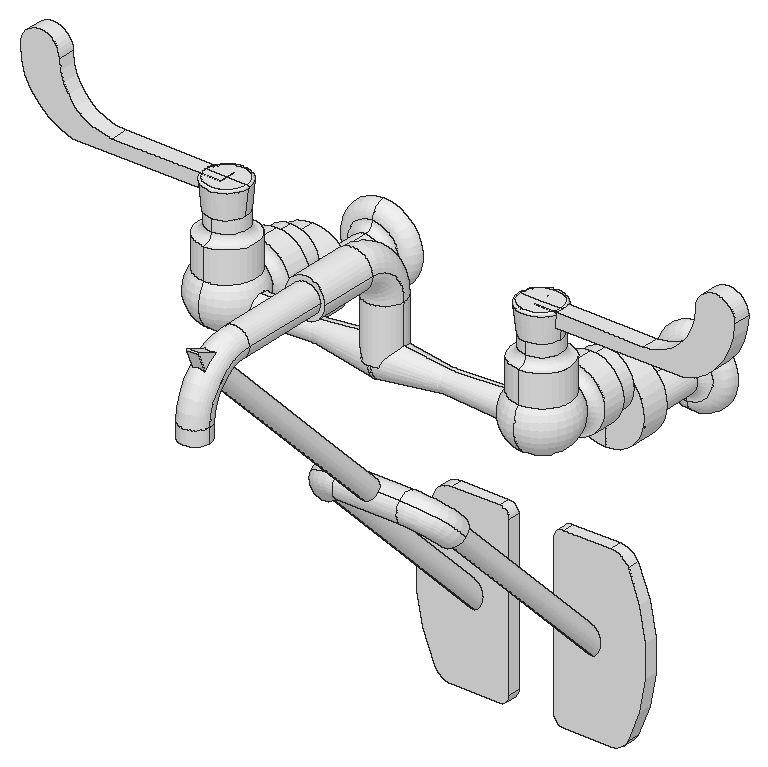
Revit family
Parameters (values of type "8345.115.002")
  Waste Connection = no
  Vent Connection = no
  URL = "http://www.americanstandard-us.com"
  Revised Date = "12/12/11"
  Product URL = "http://www.americanstandard.ca"
  Phone # = "416-250-5656"
  Model = "8345.115.002"
  Material = Polished Chrome
  Manufacturer = "American Standard"
  HW Connection = no
  Designed By = "ATS BIM Team"
  Description = "'HERITAGE' Faucet, C.P. 6\" - 10\" (152mm-250mm) adjustable C.C. wall mounted heavy duty construction, solid cast brassbody, 1/4 turn ceramic disc valve cartridges, 8\" (203mm) rigid spout (13\" (330mm) total length wall to outlet) with plain (non-aerating) outlet, integral stops, bottom brace, cast brass 4\" (102mm) blade handles and solid brass shank nuts."
  CW Connection = no
  Assembly Code = ""
Reference planes (in)
  plane 1 "Center (Front/Back)": y = 0
  plane 2: z = 0
  plane 3 "Center (Left/Right)": x = 0
  plane 4: x = 4
  plane 5: x = -4
  plane 6: x = -1.5
  plane 7: x = 1.5
Forms (in)
  Revolve 1, solid, material "Polished Chrome" <- "Material"
    sketch origin (4, 0, -0.76577) x (0, 1, 0) y (0, 0, 1)
      loop
        arc (0, 0) -> (-0.25, -0.10355) -> (-0.35355, -0.35355) r 0.35355
        arc (-0.35355, -0.35355) -> (-0.41764, -0.50828) -> (-0.57237, -0.57237) r 0.21881
        line (-0.57237, -0.57237) -> (-2.25446, -0.57237) -> (-2.25446, -1) -> (0, -1) -> (0, 0)
      axis (0, -1) -> (-2.25446, -1)
    angle from 0 to 360
  Revolve 2, solid, material "Polished Chrome" <- "Material"
    sketch origin (4, 0, -0.76577) x (0, 1, 0) y (0, 0, 1)
      loop
        line (-2.25446, -0.57237) -> (-2.25446, 0.42763) -> (-2.94317, 0.42763) -> (-2.94317, -0.57237) -> (-2.25446, -0.57237)
      axis (-2.25446, -0.57237) -> (-2.94317, -0.57237)
    angle from 0 to 360
  Revolve 3, solid, material "Polished Chrome" <- "Material"
    sketch origin (4, 0, -0.1934) x (0, 1, 0) y (0, 0, 1)
      loop
        line (-4.25, 0) -> (-4.25, -0.57237) -> (-2.94317, -0.57237) -> (-2.94317, 0.14018) -> (-3.40569, 0.14018) -> (-3.40569, 0.2532) -> (-3.9968, 0.2532)
        arc (-3.9968, 0.2532) -> (-4.07096, 0.07416) -> (-4.25, 0) r 0.2532
      axis (-2.94317, -0.57237) -> (-4.25, -0.57237)
    angle from 0 to 360
  Revolve 4, solid, material "Polished Chrome" <- "Material"
    sketch origin (4, 0, -0.76577) x (0, 1, 0) y (0, 0, 1)
      loop
        arc (-4.97838, -0.68627) -> (-4.18176, -0.28384) -> (-4.25, 0.60604) r 0.80235
        line (-4.25, 0.60604) -> (-4.25, 1.4016)
        arc (-4.25, 1.4016) -> (-4.41633, 1.4705) -> (-4.48522, 1.63682) r 0.23522
        line (-4.48522, 1.63682) -> (-4.48522, 1.96425)
        arc (-4.48522, 1.96425) -> (-4.49374, 1.9848) -> (-4.51428, 1.99331) r 0.02906
        line (-4.51428, 1.99331) -> (-4.97838, 1.99331) -> (-4.97838, -0.68627)
      axis (-4.97838, -0.68627) -> (-4.97838, 1.99331)
    angle from 0 to 360
  Revolve 5, solid, material "Polished Chrome" <- "Material"
    sketch origin (0, -5, -0.76577) x (1, 0, 0) y (0, 0, 1)
      loop
        line (3.50297, 1.95761) -> (4, 1.95761) -> (4, 2.67199) -> (3.48724, 2.67199)
        arc (3.48724, 2.67199) -> (3.44752, 2.65431) -> (3.43409, 2.61296) r 0.05345
        line (3.43409, 2.61296) -> (3.50297, 1.95761)
      axis (4, 1.95761) -> (4, 2.67199)
    angle from 0 to 360
  Extrusion 6, solid, material "Polished Chrome" <- "Material"
    sketch origin (0, 0, -0.76772) x (1, 0, 0) y (0, 0, 1)
      loop
        line (4, 2.67345) -> (4, 2.32284) -> (7.75, 2.32284)
        arc (7.75, 2.32284) -> (8.71409, 2.93471) -> (9.08961, 4.01306) r 1.7361
        arc (9.08961, 4.01306) -> (8.58961, 4.51306) -> (8.08961, 4.01306) r 0.5
        arc (8.08961, 4.01306) -> (7.69724, 3.06581) -> (6.75, 2.67345) r 1.33961
        line (6.75, 2.67345) -> (4, 2.67345)
    from 4.7717 to 5.19353
  Revolve 7, solid, material "Polished Chrome" <- "Material"
    sketch origin (-4, 0, -0.76577) x (0, 1, 0) y (0, 0, -1)
      loop
        line (0, 0) -> (0, 1) -> (-2.25446, 1) -> (-2.25446, 0.57237) -> (-0.57237, 0.57237)
        arc (-0.57237, 0.57237) -> (-0.41764, 0.50828) -> (-0.35355, 0.35355) r 0.21881
        arc (-0.35355, 0.35355) -> (-0.25, 0.10355) -> (0, 0) r 0.35355
      axis (0, 1) -> (-2.25446, 1)
    angle from 0 to 360
  Revolve 8, solid, material "Polished Chrome" <- "Material"
    sketch origin (-4, 0, -0.76577) x (0, 1, 0) y (0, 0, -1)
      loop
        line (-2.25446, 0.57237) -> (-2.94317, 0.57237) -> (-2.94317, -0.42763) -> (-2.25446, -0.42763) -> (-2.25446, 0.57237)
      axis (-2.25446, 0.57237) -> (-2.94317, 0.57237)
    angle from 0 to 360
  Revolve 9, solid, material "Polished Chrome" <- "Material"
    sketch origin (-4, 0, -0.1934) x (0, 1, 0) y (0, 0, -1)
      loop
        arc (-4.25, 0) -> (-4.07096, -0.07416) -> (-3.9968, -0.2532) r 0.2532
        line (-3.9968, -0.2532) -> (-3.40569, -0.2532) -> (-3.40569, -0.14018) -> (-2.94317, -0.14018) -> (-2.94317, 0.57237) -> (-4.25, 0.57237) -> (-4.25, 0)
      axis (-2.94317, 0.57237) -> (-4.25, 0.57237)
    angle from 0 to 360
  Revolve 10, solid, material "Polished Chrome" <- "Material"
    sketch origin (-4, 0, -0.76577) x (0, 1, 0) y (0, 0, -1)
      loop
        line (-4.97838, 0.68627) -> (-4.97838, -1.99331) -> (-4.51428, -1.99331)
        arc (-4.51428, -1.99331) -> (-4.49374, -1.9848) -> (-4.48522, -1.96425) r 0.02906
        line (-4.48522, -1.96425) -> (-4.48522, -1.63682)
        arc (-4.48522, -1.63682) -> (-4.41633, -1.4705) -> (-4.25, -1.4016) r 0.23522
        line (-4.25, -1.4016) -> (-4.25, -0.60604)
        arc (-4.25, -0.60604) -> (-4.18176, 0.28384) -> (-4.97838, 0.68627) r 0.80235
      axis (-4.97838, 0.68627) -> (-4.97838, -1.99331)
    angle from 0 to 360
  Revolve 11, solid, material "Polished Chrome" <- "Material"
    sketch origin (0, -5, -0.76577) x (-1, 0, 0) y (0, 0, -1)
      loop
        line (3.50297, -1.95761) -> (3.43409, -2.61296)
        arc (3.43409, -2.61296) -> (3.44752, -2.65431) -> (3.48724, -2.67199) r 0.05345
        line (3.48724, -2.67199) -> (4, -2.67199) -> (4, -1.95761) -> (3.50297, -1.95761)
      axis (4, -1.95761) -> (4, -2.67199)
    angle from 0 to 360
  Extrusion 12, solid, material "Polished Chrome" <- "Material"
    sketch origin (0, 0, -0.76772) x (-1, 0, 0) y (0, 0, -1)
      loop
        line (4, -2.67345) -> (6.75, -2.67345)
        arc (6.75, -2.67345) -> (7.69724, -3.06581) -> (8.08961, -4.01306) r 1.33961
        arc (8.08961, -4.01306) -> (8.58961, -4.51306) -> (9.08961, -4.01306) r 0.5
        arc (9.08961, -4.01306) -> (8.71409, -2.93471) -> (7.75, -2.32284) r 1.7361
        line (7.75, -2.32284) -> (4, -2.32284) -> (4, -2.67345)
    from 4.7717 to 5.19353
  Revolve 13, solid, material "Polished Chrome" <- "Material"
    sketch origin (0, -4.97838, -0.76577) x (1, 0, 0) y (0, 0, 1)
      loop
        arc (-0.03663, 0.49131) -> (-2.01882, 0.26368) -> (-4, 0.5) r 8.5806
        line (-4, 0.5) -> (-4, 0) -> (0, 0) -> (4, 0) -> (4, 0.5)
        arc (4, 0.5) -> (2.01882, 0.26368) -> (0.03663, 0.49131) r 8.5806
        arc (0.03663, 0.49131) -> (0, 0.49555) -> (-0.03663, 0.49131) r 0.16007
      axis (4, 0) -> (-4, 0)
    angle from 0 to 360
  Sweep 14, solid, material "Polished Chrome" <- "Material"
    path origin (0, 0, -0.76577) x (0, 1, 0) y (0, 0, 1)
      loop
        line (-4.97838, 0) -> (-4.97838, 1.4016)
        arc (-4.97838, 1.4016) -> (-5.27355, 2.11419) -> (-5.98613, 2.40935) r 1.00775
        line (-5.98613, 2.40935) -> (-7.48613, 2.40935)
    profile origin (0, -4.97838, -0.06497) x (0, -1, 0) y (1, 0, 0)
      loop
        circle (0, 0) r 0.5
  Sweep 15, solid, material "Polished Chrome" <- "Material"
    path origin (0, 0, -0.76577) x (0, 1, 0) y (0, 0, 1)
      loop
        line (-7.48613, 2.40935) -> (-9.73763, 2.40935)
        arc (-9.73763, 2.40935) -> (-10.63026, 2.03961) -> (-11, 1.14698) r 1.26237
        line (-11, 1.14698) -> (-11, 0.76577)
    profile origin (0, -8.61188, 1.64358) x (0, 0, -1) y (1, 0, 0)
      loop
        circle (0, 0) r 0.375
  Extrusion 16, solid, material "Polished Chrome" <- "Material"
    sketch origin (0, 0, -0.76577) x (1, 0, 0) y (0, 0, 1)
      loop
        arc (0.81593, -5.75) -> (0.63916, -5.82322) -> (0.56593, -6) r 0.25
        line (0.56593, -6) -> (0.56593, -10)
        arc (0.56593, -10) -> (0.63916, -10.17678) -> (0.81593, -10.25) r 0.25
        line (0.81593, -10.25) -> (2.0208, -10.25)
        arc (2.0208, -10.25) -> (2.28285, -10.17583) -> (2.46715, -9.97531) r 0.5
        arc (2.46715, -9.97531) -> (2.93745, -8) -> (2.46715, -6.02469) r 4.38349
        arc (2.46715, -6.02469) -> (2.28285, -5.82417) -> (2.0208, -5.75) r 0.5
        line (2.0208, -5.75) -> (0.81593, -5.75)
    from 0 to 0.3031
  Extrusion 17, solid, material "Polished Chrome" <- "Material"
    sketch origin (0, 0, -0.76577) x (-1, 0, 0) y (0, 0, -1)
      loop
        line (0.81593, 5.75) -> (2.0208, 5.75)
        arc (2.0208, 5.75) -> (2.28285, 5.82417) -> (2.46715, 6.02469) r 0.5
        arc (2.46715, 6.02469) -> (2.93745, 8) -> (2.46715, 9.97531) r 4.38349
        arc (2.46715, 9.97531) -> (2.28285, 10.17583) -> (2.0208, 10.25) r 0.5
        line (2.0208, 10.25) -> (0.81593, 10.25)
        arc (0.81593, 10.25) -> (0.63916, 10.17678) -> (0.56593, 10) r 0.25
        line (0.56593, 10) -> (0.56593, 6)
        arc (0.56593, 6) -> (0.63916, 5.82322) -> (0.81593, 5.75) r 0.25
    from 0 to 0.3031
  Sweep 18, solid, material "Polished Chrome" <- "Material"
    path origin (0, 0, -0.76577) x (0, 1, 0) y (0, 0, 1)
      loop
        line (-0.10953, -8.19357) -> (-4.97838, -3.32471)
    profile origin (0, -2.54395, -6.52491) x (0, -0.707107, -0.707107) y (1, 0, 0)
      loop
        circle (0, 1.5) r 0.25
  Sweep 19, solid, material "Polished Chrome" <- "Material"
    path origin (0, 0, -0.76577) x (0, 1, 0) y (0, 0, -1)
      loop
        line (-0.10953, 8.19357) -> (-4.97838, 3.32471)
    profile origin (0, -2.54395, -6.52491) x (0, 0.707107, 0.707107) y (-1, 0, 0)
      loop
        circle (0, 1.5) r 0.25
  Sweep 20, solid, material "Polished Chrome" <- "Material"
    path origin (0, -1.36146, -3.28799) x (1, 0, 0) y (0, 0.707107, -0.707107)
      loop
        arc (-1.51931, -1.658) -> (-1.3122, -2.158) -> (-0.8122, -2.3651) r 0.70711
        line (-0.8122, -2.3651) -> (0.8122, -2.3651)
        arc (0.8122, -2.3651) -> (1.3122, -2.158) -> (1.51931, -1.658) r 0.70711
    profile origin (-1.3122, -2.88739, -1.76205) x (0.707107, 0.5, -0.5) y (0, 0.707107, 0.707107)
      loop
        circle (0, -3.125) r 0.375
  Sweep 21, solid, material "Polished Chrome" <- "Material"
    path origin (0, 0, -0.76577) x (0, 1, 0) y (0, 0, 1)
      loop
        line (-5.48601, -2.81709) -> (-10.43576, 2.13266)
    profile origin (0, -7.96088, -1.10798) x (0, -0.707107, -0.707107) y (1, 0, 0)
      loop
        circle (0, 0) r 0.25
  Extrusion 22, solid, material "Polished Chrome" <- "Material"
    sketch origin (0, 0, -0.76577) x (0, 1, 0) y (0, 0, 1)
      loop
        line (-10.37804, 2.49163) -> (-11.03557, 2.77073)
        arc (-11.03557, 2.77073) -> (-11.0676, 2.76451) -> (-11.07383, 2.73247) r 0.02918
        line (-11.07383, 2.73247) -> (-10.79473, 2.07495) -> (-10.37804, 2.49163)
    from -0.14398 to 0.14398
Cuts and joins
  joined: Revolve 1, Revolve 2, Revolve 3, Revolve 4, Revolve 7, Revolve 8, Revolve 9, Revolve 10, Revolve 13, Sweep 14, Sweep 15, Extrusion 16, Extrusion 17, Sweep 18, Sweep 19, Sweep 20, Sweep 21, Extrusion 22
